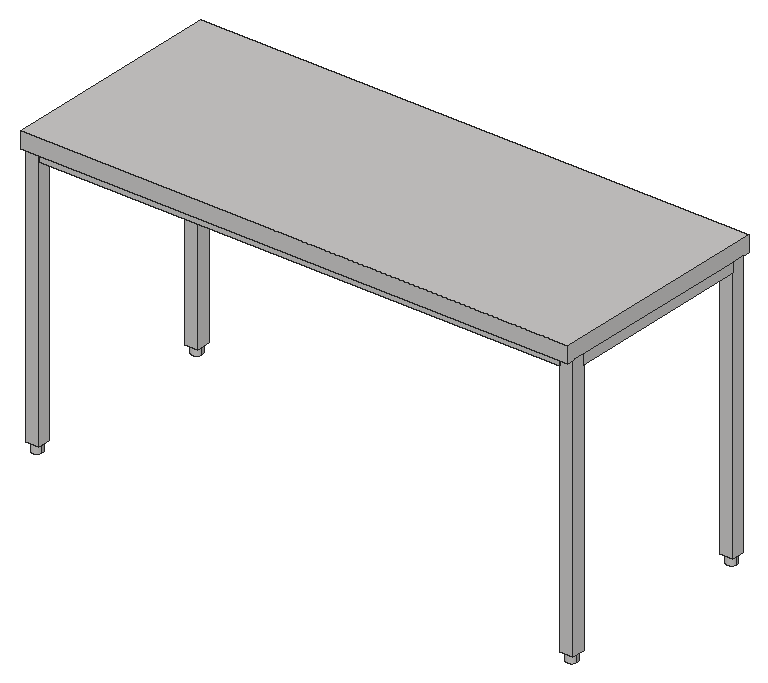
Revit family "QF_ELECTROLUXPROFESSIONAL_134007_GTG1700E", category Attrezzature speciali, Revit 2020
Family settings
  Quota connettore circolare = Usa diametro
  Tipo di parte = Normale
  Basato su piano di lavoro = No
  Sempre verticale = Sì
  Taglio con vuoti quando caricato = No
  Condiviso = No
  Punto di calcolo locali = No
Parameters (values of type "Standard")
  Weight = 48.00 kg
  Watts = 0 W
  Volts = 0 V
  URL Manufacturer = "https://www.electroluxprofessional.com/"
  URL = "https://www.electroluxprofessional.com/"
  Steam Supply Size = 0 mm
  Steam Supply Minimum Pressure = 0.0 Pa
  Steam Supply Maximum Pressure = 0.0 Pa
  Steam Consumption per Hour = 0
  Refrigeration Suction Line Size = 0.0 mm
  Refrigeration Liquid Line Size = 0.0 mm
  Refrigerant Compressor Remote = yes
  Prospetto di default = 0.0 mm
  Produttore = "Electrolux Professional"
  Phase = 0
  Modello = "GTG1700E"
  Length Actual = 1700.0 mm  # constant formula
  Item Number = "134007"
  Hot Water Size = 0 mm
  Height Actual = 900.0 mm  # constant formula
  HP = "0 HP"
  Gas Size = 0 mm
  Gas KW = 0
  Gas Input Pressure = 0 W
  Direct Waste Size = 0 mm
  Descrizione = "WORK TABLE 1700 MM"
  Depth Actual = 700.0 mm  # constant formula
  Cycle = 0 Hz
  Condensate Return Size = 0 mm
  Compressed Air Volume = 0.0 L/s
  Compressed Air Size = 0 mm
  Compressed Air Pressure = 0.0 Pa
  Cold Water Size = 0 mm
  Accessory = yes
Reference planes
  plane 1 "Center (Front/Back)": y = 0
  plane 2: z = 0
  plane 3 "Center (Left/Right)": x = -350
  plane 4 "LEFT": x = -1200
  plane 5 "RIGHT": x = 500
  plane 6 "BACK": y = 350
  plane 7 "FRONT": y = -350
  plane 8 "Base": z = 850
  plane 9 "TOP": z = 900
  plane 10: x = -1180
  plane 11: x = 480
  plane 12: y = 310
  plane 13: y = -310
  plane 14 "TRAVERSI": z = 820
  plane 15: x = -1160
  plane 16: x = 460
  plane 17: y = 290
  plane 18: y = -290
  plane 19: y = 330
  plane 20: y = -330
Forms (mm)
  Extrusion 1, solid, material "QF_Finishes_Stainless Steel"
    sketch origin (-350, 0, 0) x (0, 1, 0) y (0, 0, 1)
      loop
        line (-350, 850) -> (350, 850) -> (350, 900) -> (-350, 900) -> (-350, 850)
    from 850 to -850
  Extrusion 2, solid, material "QF_Finishes_Stainless Steel"
    sketch origin (0, 0, 820) x (0, 1, 0) y (-1, 0, 0)
      loop
        line (290, -460) -> (-290, -460) -> (-290, -500) -> (290, -500) -> (290, -460)
      loop
        line (290, 1200) -> (-290, 1200) -> (-290, 1160) -> (290, 1160) -> (290, 1200)
    from 0 to 30
  Extrusion 3, solid, material "QF_Finishes_Stainless Steel"
    sketch origin (0, 0, 820) x (0, 1, 0) y (-1, 0, 0)
      loop
        line (330, -460) -> (330, 1160) -> (290, 1160) -> (290, -460) -> (330, -460)
      loop
        line (-290, 1160) -> (-330, 1160) -> (-330, -460) -> (-290, -460) -> (-290, 1160)
    from 0 to 30
Lines and regions (mm)
  symbolic lines
    curve 1: line (500, 350, 900) -> (-1200, 350, 900)
    curve 2: line (-1200, 350, 900) -> (-1200, -350, 900)
    curve 3: line (-1200, -350, 900) -> (500, -350, 900)
    curve 4: line (500, -350, 900) -> (500, 350, 900)
Dimensions and locks
  plane 4 "LEFT" to plane 5 "RIGHT" = 1700.0 mm
  equal spacing: plane 4 "LEFT", plane 3 "Center (Left/Right)", plane 5 "RIGHT"
  locked: plane 8 "Base" to level at 850
  plane 4 "LEFT" to plane 10 = 20.0 mm
  plane 11 to plane 5 "RIGHT" = 20.0 mm
  plane 10 to plane 11 = 1660.0 mm
  locked: plane 9 "TOP" to level at 900
  plane 6 "BACK" to plane 12 = 40.0 mm
  plane 13 to plane 7 "FRONT" = 40.0 mm
  plane 6 "BACK" to plane 7 "FRONT" = 700.0 mm
  plane 12 to plane 13 = 620.0 mm
  equal spacing: plane 6 "BACK", plane 1 "Center (Front/Back)", plane 7 "FRONT"
  plane 8 "Base" to plane 14 "TRAVERSI" = 30.0 mm
  locked: plane 10 to plane 15 at 20
  locked: plane 16 to plane 11 at 20
  locked: plane 19 to plane 12 at 20
  locked: plane 12 to plane 17 at 20
  locked: plane 18 to plane 13 at 20
  locked: plane 13 to plane 20 at 20
  aligned and locked: level to plane 2
  aligned and locked: plane 10 to nested 1
  aligned and locked: nested 1 to plane 13
  aligned and locked: plane 11 to nested 2
  aligned and locked: nested 2 to plane 13
  aligned and locked: plane 11 to nested 4
  aligned and locked: nested 4 to plane 12
  aligned and locked: plane 10 to nested 3
  aligned and locked: nested 3 to plane 12
  aligned and locked: Extrusion 1 to plane 4 "LEFT"
  aligned and locked: plane 5 "RIGHT" to Extrusion 1
  aligned and locked: curve 2 to plane 4 "LEFT"
  aligned and locked: Extrusion 2 sketch curve to plane 5 "RIGHT"
  aligned and locked: Extrusion 2 sketch curve to plane 17  (x2)
  aligned and locked: plane 16 to Extrusion 2 sketch curve
  aligned and locked: plane 18 to Extrusion 2 sketch curve  (x2)
  aligned and locked: plane 4 "LEFT" to Extrusion 2 sketch curve
  aligned and locked: Extrusion 2 sketch curve to plane 15
  aligned and locked: plane 19 to Extrusion 3 sketch curve
  aligned and locked: Extrusion 3 sketch curve to plane 17
  aligned and locked: Extrusion 3 sketch curve to plane 18
  aligned and locked: plane 20 to Extrusion 3 sketch curve
  aligned and locked: Extrusion 3 sketch curve to plane 15
  aligned and locked: plane 15 to Extrusion 3 sketch curve
  aligned and locked: plane 16 to Extrusion 3 sketch curve
  aligned and locked: Extrusion 3 sketch curve to plane 16
Automatic sketch dimensions
  Extrusion 1 sketch curve to plane 7 "FRONT" = 0.0 mm
  Extrusion 1 sketch curve to plane 8 "Base" = 0.0 mm
  curve 3 to plane 7 "FRONT" = 0.0 mm
  curve 4 to plane 6 "BACK" = 0.0 mm
  Extrusion 1 sketch curve to plane 9 "TOP" = 0.0 mm
  Extrusion 1 sketch curve to plane 6 "BACK" = 0.0 mm
  curve 4 to plane 5 "RIGHT" = 0.0 mm
Nested families
  nested 1: "FEET_40x40_R" at (-1180, -310, 0), type "FEET_40x40_R"
  nested 2: "FEET_40x40_R" at (480, -310, 0), type "FEET_40x40_R"
  nested 3: "FEET_40x40_R" at (-1180, 310, 0), type "FEET_40x40_R"
  nested 4: "FEET_40x40_R" at (480, 310, 0), type "FEET_40x40_R"
Definition of nested family "FEET_40x40_R"
  Parameters
    Default Elevation = 0.0 mm
    FEET = 850.0 mm
  Reference planes
    plane 1 "Center (Front/Back)": y = 0
    plane 2: z = 0
    plane 3 "Center (Left/Right)": x = 0
    plane 4: z = 850
  Forms (mm)
    Extrusion 1, solid
      sketch origin (0, 0, 0) x (1, 0, 0) y (0, 1, 0)
        loop
          line (-20, -20) -> (20, -20) -> (20, 20) -> (-20, 20) -> (-20, -20)
      from 25 to 850
    Extrusion 2, solid
      sketch origin (0, 0, 0) x (1, 0, 0) y (0, 1, 0)
        loop
          circle (0, 0) r 16
      from 0 to 25
  Lines and regions (mm)
    symbolic lines
      curve 1: line (0, -1.503, 0) -> (0, 1.508, 0)
      curve 2: line (1.561, 0, 0) -> (-1.439, 0, 0)
  Dimensions and locks
    "FEET": plane 4 to plane 2
    aligned and locked: level to plane 2
  Automatic sketch dimensions
    Extrusion 1 sketch curve to plane 3 "Center (Left/Right)" = 20.0 mm
    plane 3 "Center (Left/Right)" to Extrusion 1 sketch curve = 20.0 mm
    plane 1 "Center (Front/Back)" to Extrusion 1 sketch curve = 20.0 mm
    Extrusion 1 sketch curve to plane 1 "Center (Front/Back)" = 20.0 mm
    plane 1 "Center (Front/Back)" to Extrusion 2 sketch curve = 0.0 mm
    Extrusion 2 sketch curve to plane 3 "Center (Left/Right)" = 0.0 mm
    plane 1 "Center (Front/Back)" to curve 2 = 0.0 mm
    curve 1 to plane 3 "Center (Left/Right)" = 0.0 mm
    curve 2 to plane 3 "Center (Left/Right)" = 1.439 mm
    plane 3 "Center (Left/Right)" to curve 2 = 1.561 mm
    plane 1 "Center (Front/Back)" to curve 1 = 1.503 mm
    curve 1 to plane 1 "Center (Front/Back)" = 1.508 mm
    radius of Extrusion 2 sketch curve = 16.0 mm
